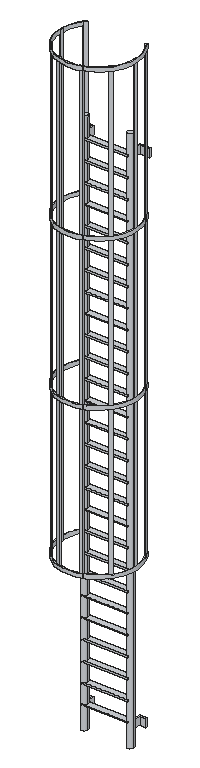
Revit family "ladder", category Generic Models, Revit 2023
Family settings
  Can host rebar = No
  Round Connector Dimension = Use Diameter
  Part Type = Normal
  Work Plane-Based = No
  Always vertical = Yes
  Cut with Voids When Loaded = No
  Maintain Annotation Orientation = No
  Shared = No
  Room Calculation Point = No
Parameters
  Rung Spacing = 250 mm
  No of Steps = roundup((Ladder Height - 2 mm * 300) / Rung Spacing)  # 27
  Ladder Width = 600 mm
  Ladder Height = 7200 mm
  Distance from Wall = 150 mm
  Default Elevation = 0 mm
  Cage Required = Ladder Height > 5999 mm  # yes
  Cage Height = Ladder Height - 2200 mm + 1000 mm  # 6000 mm
Reference planes
  plane 1 "Center (Front/Back)": y = 0
  plane 2: z = 0
  plane 3 "Center (Left/Right)": x = 0
  plane 4: x = -300
  plane 5: x = 300
  plane 6 "Top of Ladder": z = 7200
  plane 7: y = -150
  plane 8: z = 6950
  plane 9: z = 300
Forms (mm)
  Extrusion 1, solid
    sketch origin (0, 0, 0) x (1, 0, 0) y (0, 1, 0)
      loop
        circle (-300, -150) r 40
      loop
        circle (300, -150) r 40
    from 0 to 7200 <- "Ladder Height"
  Extrusion 2, solid
    sketch origin (0, -160, 7200) x (0, 1, 0) y (-1, 0, 0)
      loop
        line (10, 300) -> (160, 300) -> (160, 450) -> (140, 450) -> (140, 320) -> (10, 320) -> (10, 300)
      loop
        line (10, -300) -> (10, -320) -> (140, -320) -> (140, -450) -> (160, -450) -> (160, -300) -> (10, -300)
    from -200 to -300
  Extrusion 3, solid
    sketch origin (0, 0, 0) x (1, 0, 0) y (0, 1, 0)
      loop
        line (300, -150) -> (320, -150) -> (320, -20) -> (400, -20) -> (400, 0) -> (300, 0) -> (300, -150)
      loop
        line (-300, -150) -> (-300, 0) -> (-400, 0) -> (-400, -20) -> (-320, -20) -> (-320, -150) -> (-300, -150)
    from 200 to 300
Dimensions and locks
  "Ladder Width": plane 4 to plane 5
  equal spacing: plane 4, plane 3 "Center (Left/Right)", plane 5
  "Ladder Height": plane 6 "Top of Ladder" to plane 2
  Extrusion 2 sketch curve to Extrusion 2 sketch curve = 20 mm  (x4)
  Extrusion 2 sketch curve to Extrusion 2 sketch curve = 150 mm  (x2)
  Extrusion 3 sketch curve to Extrusion 3 sketch curve = 20 mm  (x4)
  Extrusion 3 sketch curve to Extrusion 3 sketch curve = 100 mm  (x2)
  "Distance from Wall": plane 7 to plane 1 "Center (Front/Back)"
  "Rung Spacing": plane 6 "Top of Ladder" to plane 8
  locked: plane 9 to level at 300
  equal spacing: group 1, group 3, group 4, group 5, group 6, group 7, group 8, group 9, group 10, group 11, group 12, group 13, group 14, group 15, group 16, group 17, group 18, group 19, group 20, group 21, group 22, group 23, group 24, group 25, group 26, group 27, group 2  (x3)
  aligned and locked: level to plane 2
  aligned and locked: plane 5 to Extrusion 2 sketch curve
  aligned and locked: plane 7 to Extrusion 3  (x2)
  aligned and locked: plane 7 to Extrusion 1 sketch curve  (x2)
  aligned and locked: plane 7 to nested 1
  aligned and locked: plane 4 to nested 1
  aligned and locked: Extrusion 2 sketch curve to nested 1  (x2)
  aligned and locked: plane 8 to nested 3
Automatic sketch dimensions
  Extrusion 1 sketch curve to plane 4 = 0 mm
  Extrusion 1 sketch curve to plane 5 = 0 mm
  Extrusion 2 sketch curve to plane 4 = 0 mm
  plane 1 "Center (Front/Back)" to Extrusion 2 sketch curve = 0 mm  (x2)
  plane 1 "Center (Front/Back)" to Extrusion 3 sketch curve = 0 mm  (x2)
  Extrusion 3 sketch curve to plane 4 = 0 mm
  Extrusion 3 sketch curve to plane 5 = 0 mm
  Extrusion 3 sketch curve to Extrusion 3 sketch curve = 130 mm  (x2)
  radius of Extrusion 1 sketch curve = 40 mm  (x2)
Nested families
  nested 1: "Rung" at (-300, -150, 300), type "Rung"
    with Step Width 600 mm
  nested 2: "Cage" at (0, 0, 2200), type "Cage"
    with No of Cage Hoop 4, Cage Height 6000 mm
  nested 3: "Rung" at (-300, -150, 6940.02), type "Rung"
    with Step Width 600 mm
  nested 4: "Rung" at (-300, -150, 555.385), type "Rung"
    with Step Width 600 mm
  nested 5: "Rung" at (-300, -150, 810.771), type "Rung"
    with Step Width 600 mm
  nested 6: "Rung" at (-300, -150, 1066.156), type "Rung"
    with Step Width 600 mm
  nested 7: "Rung" at (-300, -150, 1321.542), type "Rung"
    with Step Width 600 mm
  nested 8: "Rung" at (-300, -150, 1576.927), type "Rung"
    with Step Width 600 mm
  nested 9: "Rung" at (-300, -150, 1832.312), type "Rung"
    with Step Width 600 mm
  nested 10: "Rung" at (-300, -150, 2087.698), type "Rung"
    with Step Width 600 mm
  nested 11: "Rung" at (-300, -150, 2343.083), type "Rung"
    with Step Width 600 mm
  nested 12: "Rung" at (-300, -150, 2598.469), type "Rung"
    with Step Width 600 mm
  nested 13: "Rung" at (-300, -150, 2853.854), type "Rung"
    with Step Width 600 mm
  nested 14: "Rung" at (-300, -150, 3109.239), type "Rung"
    with Step Width 600 mm
  nested 15: "Rung" at (-300, -150, 3364.625), type "Rung"
    with Step Width 600 mm
  nested 16: "Rung" at (-300, -150, 3620.01), type "Rung"
    with Step Width 600 mm
  nested 17: "Rung" at (-300, -150, 3875.395), type "Rung"
    with Step Width 600 mm
  nested 18: "Rung" at (-300, -150, 4130.781), type "Rung"
    with Step Width 600 mm
  nested 19: "Rung" at (-300, -150, 4386.166), type "Rung"
    with Step Width 600 mm
  nested 20: "Rung" at (-300, -150, 4641.552), type "Rung"
    with Step Width 600 mm
  nested 21: "Rung" at (-300, -150, 4896.937), type "Rung"
    with Step Width 600 mm
  nested 22: "Rung" at (-300, -150, 5152.322), type "Rung"
    with Step Width 600 mm
  nested 23: "Rung" at (-300, -150, 5407.708), type "Rung"
    with Step Width 600 mm
  nested 24: "Rung" at (-300, -150, 5663.093), type "Rung"
    with Step Width 600 mm
  nested 25: "Rung" at (-300, -150, 5918.479), type "Rung"
    with Step Width 600 mm
  nested 26: "Rung" at (-300, -150, 6173.864), type "Rung"
    with Step Width 600 mm
  nested 27: "Rung" at (-300, -150, 6429.249), type "Rung"
    with Step Width 600 mm
  nested 28: "Rung" at (-300, -150, 6684.635), type "Rung"
    with Step Width 600 mm
Definition of nested family "Rung"
  Parameters (values of type "Rung")
    Step Width = 700 mm
    Default Elevation = 0 mm
  Reference planes
    plane 1 "Center (Front/Back)": y = 0
    plane 2: z = 0
    plane 3 "Center (Left/Right)": x = 0
  Forms (mm)
    Extrusion 1, solid
      sketch origin (0, 0, 0) x (0, 1, 0) y (0, 0, 1)
        loop
          line (39.751, 9.98) -> (-39.751, 9.98) -> (-39.751, -9.98) -> (39.751, -9.98) -> (39.751, 9.98)
      from 0 to 700 <- "Step Width"
  Dimensions and locks
    Extrusion 1 sketch curve to Extrusion 1 sketch curve = 19.96 mm
    equal spacing: Extrusion 1 sketch curve, level, Extrusion 1 sketch curve
    equal spacing: Extrusion 1 sketch curve, plane 1 "Center (Front/Back)", Extrusion 1 sketch curve
    Extrusion 1 sketch curve to Extrusion 1 sketch curve = 79.503 mm
    aligned and locked: level to plane 2
Definition of nested family "Cage"
  Parameters (values of type "Cage")
    No of Cage Hoop = roundup(Cage Height / 1500 mm)  # 5
    Default Elevation = 0 mm
    Cage Width = 1000 mm
    Cage Required = yes
    Cage Height = 6050 mm
  Reference planes
    plane 1 "Center (Front/Back)": y = 0
    plane 2: z = 0
    plane 3 "Center (Left/Right)": x = 0
    plane 4: x = -500
    plane 5: x = 500
    plane 6: y = -300
    plane 7: z = 6050
  Forms (mm)
    Sweep 1, solid, visible <- "Cage Required"
      path origin (0, 0, -6000) x (1, 0, 0) y (0, 1, 0)
        loop
          arc (-389.099, 0) -> (0, -791.323) -> (389.099, 0) r 491.323
      profile origin (0, -791.323, -6000) x (0, 1, 0) y (0, 0, 1)
        loop
          line (0, 6000) -> (0, 6050) -> (-10, 6050) -> (-10, 6000) -> (0, 6000)
    Sweep 2, solid, visible <- "Cage Required"
      path origin (0, 0, 0) x (1, 0, 0) y (0, 1, 0)
        loop
          arc (-389.099, 0) -> (0, -791.323) -> (389.099, 0) r 491.323
      profile origin (0, -791.323, 0) x (0, 1, 0) y (0, 0, 1)
        loop
          line (0, 6000) -> (0, 6050) -> (-10, 6050) -> (-10, 6000) -> (0, 6000)
    Sweep 3, solid, visible <- "Cage Required"
      path origin (0, 0, -4500) x (1, 0, 0) y (0, 1, 0)
        loop
          arc (-389.099, 0) -> (0, -791.323) -> (389.099, 0) r 491.323
      profile origin (0, -791.323, -4500) x (0, 1, 0) y (0, 0, 1)
        loop
          line (0, 6000) -> (0, 6050) -> (-10, 6050) -> (-10, 6000) -> (0, 6000)
    Sweep 4, solid, visible <- "Cage Required"
      path origin (0, 0, -3000) x (1, 0, 0) y (0, 1, 0)
        loop
          arc (-389.099, 0) -> (0, -791.323) -> (389.099, 0) r 491.323
      profile origin (0, -791.323, -3000) x (0, 1, 0) y (0, 0, 1)
        loop
          line (0, 6000) -> (0, 6050) -> (-10, 6050) -> (-10, 6000) -> (0, 6000)
    Sweep 5, solid, visible <- "Cage Required"
      path origin (0, 0, -1500) x (1, 0, 0) y (0, 1, 0)
        loop
          arc (-389.099, 0) -> (0, -791.323) -> (389.099, 0) r 491.323
      profile origin (0, -791.323, -1500) x (0, 1, 0) y (0, 0, 1)
        loop
          line (0, 6000) -> (0, 6050) -> (-10, 6050) -> (-10, 6000) -> (0, 6000)
    Extrusion 6, solid, visible <- "Cage Required"
      sketch origin (0, 0, 0) x (1, 0, 0) y (0, 1, 0)
        loop
          line (-389.099, 0) -> (-412.202, -32.654) -> (-402.406, -39.585) -> (-379.303, -6.931) -> (-389.099, 0)
      from 0 to 6050 <- "Cage Height"
    Extrusion 7, solid, visible <- "Cage Required"
      sketch origin (283.12, -399.212, 0) x (-0.330708, -0.943733, 0) y (0.943733, -0.330708, 0)
        loop
          line (-389.099, 0) -> (-412.202, -32.654) -> (-402.406, -39.585) -> (-379.303, -6.931) -> (-389.099, 0)
      from 0 to 6050 <- "Cage Height"
    Extrusion 8, solid, visible <- "Cage Required"
      sketch origin (-175.541, -56.719, 0) x (0.810935, 0.585136, 0) y (-0.585136, 0.810935, 0)
        loop
          line (-389.099, 0) -> (-412.202, -32.654) -> (-402.406, -39.585) -> (-379.303, -6.931) -> (-389.099, 0)
      from 0 to 6050 <- "Cage Height"
    Extrusion 9, solid, visible <- "Cage Required"
      sketch origin (-284.704, -205.431, 0) x (0.315231, 0.949015, 0) y (-0.949015, 0.315231, 0)
        loop
          line (-389.099, 0) -> (-412.202, -32.654) -> (-402.406, -39.585) -> (-379.303, -6.931) -> (-389.099, 0)
      from 0 to 6050 <- "Cage Height"
    Extrusion 10, solid, visible <- "Cage Required"
      sketch origin (-286.213, -389.901, 0) x (-0.299671, 0.954043, 0) y (-0.954043, -0.299671, 0)
        loop
          line (-389.099, 0) -> (-412.202, -32.654) -> (-402.406, -39.585) -> (-379.303, -6.931) -> (-389.099, 0)
      from 0 to 6050 <- "Cage Height"
    Extrusion 11, solid, visible <- "Cage Required"
      sketch origin (-179.496, -540.378, 0) x (-0.801258, 0.598319, 0) y (-0.598319, -0.801258, 0)
        loop
          line (-389.099, 0) -> (-412.202, -32.654) -> (-402.406, -39.585) -> (-379.303, -6.931) -> (-389.099, 0)
      from 0 to 6050 <- "Cage Height"
    Extrusion 12, solid, visible <- "Cage Required"
      sketch origin (-4.906, -599.96, 0) x (-0.999866, 0.016352, 0) y (-0.016352, -0.999866, 0)
        loop
          line (-389.099, 0) -> (-412.202, -32.654) -> (-402.406, -39.585) -> (-379.303, -6.931) -> (-389.099, 0)
      from 0 to 6050 <- "Cage Height"
    Extrusion 13, solid, visible <- "Cage Required"
      sketch origin (171.539, -546.118, 0) x (-0.820395, -0.571797, 0) y (0.571797, -0.820395, 0)
        loop
          line (-389.099, 0) -> (-412.202, -32.654) -> (-402.406, -39.585) -> (-379.303, -6.931) -> (-389.099, 0)
      from 0 to 6050 <- "Cage Height"
  Dimensions and locks
    "Cage Width": plane 4 to plane 5
    equal spacing: plane 4, plane 3 "Center (Left/Right)", plane 5
    plane 6 to plane 1 "Center (Front/Back)" = 300 mm
    "Cage Height": level to plane 7
    equal spacing: group 1, group 3, group 4, group 5, group 2  (x3)
    aligned and locked: level to plane 2
    aligned and locked: plane 7 to Sweep 2
  Automatic sketch dimensions
    Sweep 1 sketch curve to profile plane = 0 mm
    profile plane to Sweep 1 sketch curve = 10 mm
    Sweep 1 sketch curve to Sweep 1 sketch curve = 389.099 mm  (x2)
    Sweep 1 sketch curve to Sweep 1 sketch curve = 300 mm
    profile plane to Sweep 1 sketch curve = 6000 mm
    profile plane to Sweep 1 sketch curve = 6050 mm
    Sweep 2 sketch curve to profile plane = 0 mm
    profile plane to Sweep 2 sketch curve = 10 mm
    Sweep 2 sketch curve to Sweep 2 sketch curve = 389.099 mm  (x2)
    Sweep 2 sketch curve to Sweep 2 sketch curve = 300 mm
    profile plane to Sweep 2 sketch curve = 6000 mm
    profile plane to Sweep 2 sketch curve = 6050 mm
    Sweep 3 sketch curve to profile plane = 0 mm
    profile plane to Sweep 3 sketch curve = 10 mm
    Sweep 3 sketch curve to Sweep 3 sketch curve = 389.099 mm  (x2)
    Sweep 3 sketch curve to Sweep 3 sketch curve = 300 mm
    profile plane to Sweep 3 sketch curve = 6000 mm
    profile plane to Sweep 3 sketch curve = 6050 mm
    Sweep 4 sketch curve to profile plane = 0 mm
    profile plane to Sweep 4 sketch curve = 10 mm
    Sweep 4 sketch curve to Sweep 4 sketch curve = 389.099 mm  (x2)
    Sweep 4 sketch curve to Sweep 4 sketch curve = 300 mm
    profile plane to Sweep 4 sketch curve = 6000 mm
    profile plane to Sweep 4 sketch curve = 6050 mm
    Sweep 5 sketch curve to profile plane = 0 mm
    profile plane to Sweep 5 sketch curve = 10 mm
    Sweep 5 sketch curve to Sweep 5 sketch curve = 389.099 mm  (x2)
    Sweep 5 sketch curve to Sweep 5 sketch curve = 300 mm
    profile plane to Sweep 5 sketch curve = 6000 mm
    profile plane to Sweep 5 sketch curve = 6050 mm
    Extrusion 6 sketch curve to Extrusion 6 sketch curve = 9.796 mm
    Extrusion 6 sketch curve to Extrusion 6 sketch curve = 23.102 mm
    Extrusion 6 sketch curve to Extrusion 6 sketch curve = 6.931 mm
    Extrusion 7 sketch curve to Extrusion 7 sketch curve = 9.796 mm
    Extrusion 7 sketch curve to Extrusion 7 sketch curve = 23.102 mm
    Extrusion 7 sketch curve to Extrusion 7 sketch curve = 6.931 mm
    Extrusion 8 sketch curve to Extrusion 8 sketch curve = 9.796 mm
    Extrusion 8 sketch curve to Extrusion 8 sketch curve = 23.102 mm
    Extrusion 8 sketch curve to Extrusion 8 sketch curve = 6.931 mm
    Extrusion 9 sketch curve to Extrusion 9 sketch curve = 9.796 mm
    Extrusion 9 sketch curve to Extrusion 9 sketch curve = 23.102 mm
    Extrusion 9 sketch curve to Extrusion 9 sketch curve = 6.931 mm
    Extrusion 10 sketch curve to Extrusion 10 sketch curve = 9.796 mm
    Extrusion 10 sketch curve to Extrusion 10 sketch curve = 23.102 mm
    Extrusion 10 sketch curve to Extrusion 10 sketch curve = 6.931 mm
    Extrusion 11 sketch curve to Extrusion 11 sketch curve = 9.796 mm
    Extrusion 11 sketch curve to Extrusion 11 sketch curve = 23.102 mm
    Extrusion 11 sketch curve to Extrusion 11 sketch curve = 6.931 mm
    Extrusion 12 sketch curve to Extrusion 12 sketch curve = 9.796 mm
    Extrusion 12 sketch curve to Extrusion 12 sketch curve = 23.102 mm
    Extrusion 12 sketch curve to Extrusion 12 sketch curve = 6.931 mm
    Extrusion 13 sketch curve to Extrusion 13 sketch curve = 9.796 mm
    Extrusion 13 sketch curve to Extrusion 13 sketch curve = 23.102 mm
    Extrusion 13 sketch curve to Extrusion 13 sketch curve = 6.931 mm
